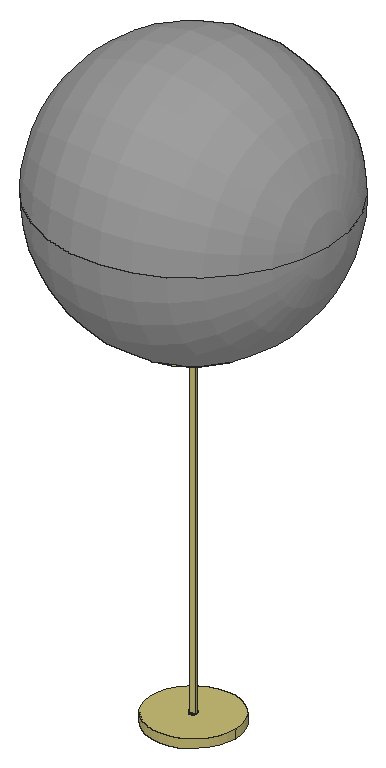
Revit family "Luna 16 Cord", category Lighting Fixtures, host Face, Revit 2017
Family settings
  Host = Face
  Round Connector Dimension = Use Diameter
  Part Type = Normal
  Cut with Voids When Loaded = No
  Light Source = Yes
  Shared = No
  Room Calculation Point = No
Parameters (values of type "Natural Brass")
  Wattage = 9.2903 W
  built-in parameter 1150110 = 1 (stored number, unit not read)
  Voltage = "120 V"
  URL = "https://www.schoolhouse.com/products/luna-cord-pendant-with-16-shade"
  built-in parameter 1114217 = 1 (stored number, unit not read)
  built-in parameter 1150109 = 1 (stored number, unit not read)
  built-in parameter 1150134 = 3
  built-in parameter 1150113 = 1 (stored number, unit not read)
  Product Material = Brass
  Primary Finishes = Schoolhouse Natural Brass 181-166-66
  Model = "Luna Rod Pendant with 16\" Shade"
  Max Wattage = 60 W
  Manufacturer = "Schoolhouse"
  built-in parameter 1150105 = 109.82 (stored number, unit not read)
  Lumens = 1380 lm
  built-in parameter 1150115 = 1 (stored number, unit not read)
  Light Source Symbol Size = 2' - 0"
  built-in parameter 1150137 = (empty or 0)
  built-in parameter 1150139 = (empty or 0)
  Length Sub 1 = Lamp Shade Radius  # 0' - 8"
  built-in parameter 1150112 = 1 (stored number, unit not read)
  Lamp Shade Radius = Lamp Shade Diameter / 2  # 0' - 8"
  Lamp Shade Diameter = 1' - 4"
  built-in parameter 1150114 = 1 (stored number, unit not read)
  built-in parameter 1150132 = (empty or 0)
  built-in parameter 1150102 = (empty or 0)
  built-in parameter 1150107 = 3200 (stored number, unit not read)
  built-in parameter 1150138 = (empty or 0)
  built-in parameter 1150106 = 1.0982 (stored number, unit not read)
  Height = 3' - 0"
  Emit from Circle Diameter = 2' - 0"
  Emit Shape Visible in Rendering = no
  built-in parameter 1150104 = 13.8 (stored number, unit not read)
  Dimming Lamp Color Temperature Shift = <None>
  Dimming = ""
  Description = "Pared down to the elements of line and light, the Luna Collection retains a delicate, sculptural quality that illuminates a room even when unlit. A stylish take on task lighting, the glass shade’s milky finish imparts a moon-like glow. A vinyl cord and streamlined components add to the versatility and simplicity of this fixture. Manufactured in our Portland, Ore. factory to exacting specifications. A Schoolhouse Original."
  Default Elevation = 4' - 0"
  Cost = 429
  Color Filter = 16777215
  Canopy Width = 0' - 5"
  built-in parameter 1114218 = 1 (stored number, unit not read)
  built-in parameter 1150133 = 10 (stored number, unit not read)
Reference planes (in)
  plane 1 "Center (Front/Back)": y = 0
  plane 2: z = 0
  plane 3 "Center (Left/Right)": x = 0
  plane 4: x = 2.5
  plane 5: x = -2.5
  plane 6: z = 0.0625
  plane 7: z = 0.5625
  plane 8: z = 0.65625
  plane 9: z = 36
  plane 10 "lamp shade reference axis": z = 28
  plane 11: z = 20
  plane 12 "lamp shade holder": z = 20.78125
  plane 13: z = 19.375
Forms (in)
  Extrusion 1, solid, material "Schoolhouse Natural Brass 181-166-66" <- "Primary Finishes"
    sketch origin (0, 0, 0) x (1, 0, 0) y (0, 1, 0)
      loop
        circle (0, 0) r 2
    from 0 to 0.0625
  Extrusion 2, solid, material "Schoolhouse Natural Brass 181-166-66" <- "Primary Finishes"
    sketch origin (0, 0, 0.0625) x (1, 0, 0) y (0, 1, 0)
      loop
        circle (0, 0) r 2.5
    from 0 to 0.5
  Revolve 3, solid, material "Schoolhouse Natural Brass 181-166-66" <- "Primary Finishes"
    sketch origin (0, 0, 0) x (1, 0, 0) y (0, 0, 1)
      loop
        line (0, 0.5625) -> (0.19938, 0.5625)
        arc (0.19938, 0.5625) -> (0.2194, 0.57121) -> (0.22666, 0.5918) r 0.02734
        arc (0.22666, 0.5918) -> (0.2194, 0.61238) -> (0.19938, 0.62109) r 0.02734
        line (0.19938, 0.62109) -> (0.10914, 0.62109)
        arc (0.10914, 0.62109) -> (0.0598, 0.65774) -> (0, 0.67192) r 0.15243
        line (0, 0.67192) -> (0, 0.5625)
      axis (0, 0.67192) -> (0, 0.5625)
    angle from 0 to 360
  Extrusion 4, solid, material "Schoolhouse Natural Brass 181-166-66" <- "Primary Finishes"
    sketch origin (0, 0, 0.0625) x (1, 0, 0) y (0, 1, 0)
      loop
        circle (0, 0) r 0.16999
    from 0 to 19.9375
  Revolve 5, solid, material "Brass" <- "Product Material"
    sketch origin (0, 0, 28) x (-1, 0, 0) y (0, -1, 0)
      loop
        arc (-8, 0) -> (0, -8) -> (8, 0) r 8
        line (8, 0) -> (-8, 0)
      axis (-8, 0) -> (8, 0)
    angle from 0 to 360
  Extrusion 6, solid, material "Schoolhouse Natural Brass 181-166-66" <- "Primary Finishes"
    sketch origin (0, 0, 20.78125) x (-1, 0, 0) y (0, -1, 0)
      loop
        circle (0, 0) r 0.29749
    from -0.78125 to -1.40625
  Revolve 7, solid, material "Schoolhouse Natural Brass 181-166-66" <- "Primary Finishes"
    sketch origin (0, 0, 0) x (1, 0, 0) y (0, 0, 1)
      loop
        line (0, 20.78125) -> (0, 20)
        arc (0, 20) -> (1.80273, 20.15437) -> (3.5, 20.78125) r 6.76198
        line (3.5, 20.78125) -> (0, 20.78125)
      axis (0, 20) -> (0, 20.78125)
    angle from 0 to 360
Dimensions and locks (in)
  locked: plane 6 to level at 0.0625
  locked: plane 7 to plane 6 at 0.5
  "Height": plane 9 to level
  "Length Sub 1": plane 9 to plane 10 "lamp shade reference axis"
  "Length Sub 1": plane 10 "lamp shade reference axis" to plane 11
  locked: plane 12 "lamp shade holder" to plane 11 at 0.78125
  plane 12 "lamp shade holder" to plane 11 = 0' - 0 25/32"
  locked: plane 11 to plane 13 at 0.625
  "Lamp Shade Radius": radius of Revolve 5 sketch curve
  aligned and locked: plane 2 to host face
  aligned and locked: level to host face
  aligned and locked: plane 6 to Extrusion 1
  aligned and locked: plane 7 to Extrusion 2
  aligned and locked: Extrusion 2 to Revolve 3 sketch curve
  aligned and locked: plane 11 to Extrusion 4
  aligned and locked: plane 11 to Extrusion 6
  aligned and locked: Extrusion 6 to plane 13
  aligned and locked: plane 10 "lamp shade reference axis" to imposter light
  aligned and locked: Revolve 7 sketch curve to plane 12 "lamp shade holder"
Automatic sketch dimensions
  host sketch curve to host sketch curve = 8' - 0"  (x2)
  plane 1 "Center (Front/Back)" to Extrusion 1 sketch curve = 0' - 0"
  Extrusion 1 sketch curve to plane 3 "Center (Left/Right)" = 0' - 0"
  Revolve 3 sketch curve to plane 3 "Center (Left/Right)" = 0' - 0"  (x2)
  Revolve 3 sketch curve to plane 7 = 0' - 0"
  Revolve 3 sketch curve to plane 3 "Center (Left/Right)" = 0' - 0.00455"
  Revolve 3 sketch curve to plane 8 = 0' - 0 9/256"
  plane 3 "Center (Left/Right)" to Revolve 3 sketch curve = 0' - 0.10914"
  Revolve 3 sketch curve to Revolve 3 sketch curve = 0' - 0.09024"
  Revolve 3 sketch curve to Revolve 3 sketch curve = 0' - 0"
  Revolve 3 sketch curve to plane 7 = 0' - 0.04294"
  Revolve 3 sketch curve to Revolve 3 sketch curve = 0' - 0 7/256"
  Revolve 3 sketch curve to Revolve 3 sketch curve = 0' - 0 1/256"
  Revolve 3 sketch curve to Revolve 3 sketch curve = 0' - 0.04423"
  plane 1 "Center (Front/Back)" to Revolve 5 sketch curve = 0' - 0"  (x2)
  Revolve 5 sketch curve to plane 3 "Center (Left/Right)" = 0' - 0"
  Revolve 5 sketch curve to Revolve 5 sketch curve = 0' - 3 1/2"
  Revolve 5 sketch curve to Revolve 5 sketch curve = 0' - 4"
  plane 1 "Center (Front/Back)" to Extrusion 6 sketch curve = 0' - 0"
  Extrusion 6 sketch curve to plane 3 "Center (Left/Right)" = 0' - 0"
  Revolve 7 sketch curve to plane 3 "Center (Left/Right)" = 0' - 0"  (x2)
  Revolve 7 sketch curve to plane 11 = 0' - 0"
  plane 3 "Center (Left/Right)" to Revolve 7 sketch curve = 0' - 0.32962"
  Revolve 7 sketch curve to plane 10 "lamp shade reference axis" = 0' - 1.24606"
  Revolve 7 sketch curve to Revolve 7 sketch curve = 0' - 0 1/2"
  Revolve 7 sketch curve to Revolve 7 sketch curve = 0' - 0.33244"
  radius of Extrusion 1 sketch curve = 0' - 2"
  radius of Extrusion 1 to Extrusion 2 sketch curve = 0' - 0 1/2"
  radius of Extrusion 4 sketch curve to Extrusion 1 = 0' - 1.83001"
  radius of Extrusion 6 sketch curve = 0' - 0.29749"
